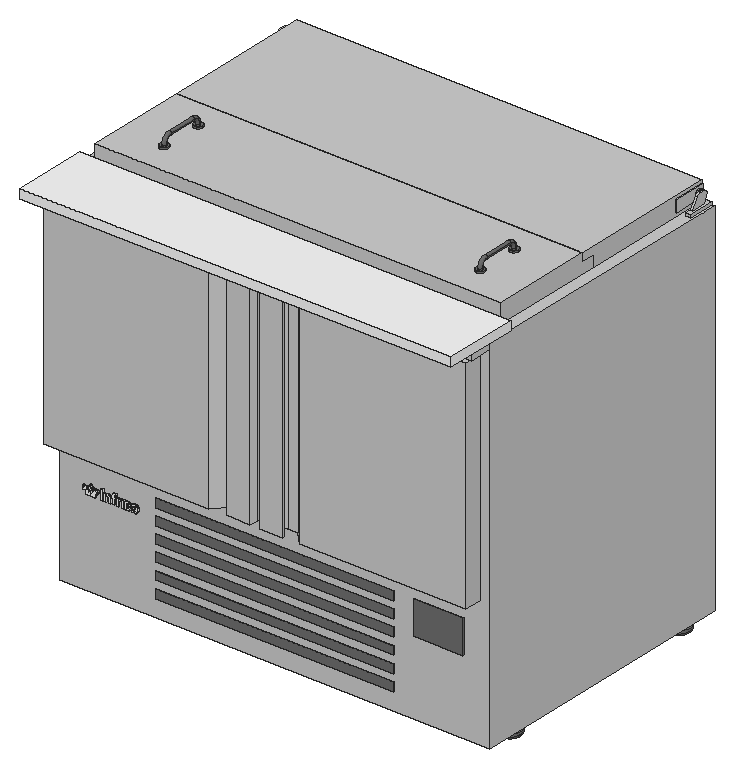
Revit family "QF_INFRICO_ME1000BAN_250812012501", category Specialty Equipment, Revit 2021
Family settings
  Round Connector Dimension = Use Diameter
  Part Type = Normal
  OmniClass Number = 23.40.40.14
  OmniClass Title = Food Service Equipment
  Work Plane-Based = No
  Always vertical = Yes
  Cut with Voids When Loaded = No
  Shared = No
  Room Calculation Point = No
Parameters (values of type "ME1000BAN-R290")
  Weight [instance] = 97.9986 kg
  Waste Water Discharge Temperature [instance] = 0 °C
  Waste Remarks [instance] = ""
  Warranty Start Date [instance] = ""
  Warranty Duration [instance] = ""
  Volts [instance] = 230 V
  Volt Free Conn [instance] = no
  URL Recommended Spares List [instance] = ""
  URL Manufacturer [instance] = ""
  URL Cutsheet [instance] = ""
  URL Critical Spares List [instance] = ""
  URL = "www.infrico.com"
  Technical Documentation [instance] = ""
  Tag Number [instance] = ""
  Status [instance] = ""
  Start Up Current [instance] = 0 A
  Specification by User [instance] = ""
  Specification by Manufacturer [instance] = ""
  Sound Level [instance] = ""
  Show Logo [instance] = yes
  Show Clearances [instance] = yes
  Service Life Duration [instance] = ""
  Serial Number [instance] = ""
  Seismic Rating [instance] = ""
  SMACNA No [instance] = ""
  Revision Code [instance] = ""
  Revision [instance] = ""
  Production Year [instance] = ""
  Potential Equalisation [instance] = no
  Point Load [instance] = 0
  Plumbing Connection Type [instance] = ""
  Phase [instance] = 1
  Other Equipment Approvals [instance] = ""
  Operational Current [instance] = 0 A
  Number of Poles [instance] = 2
  No Load Power Draw [instance] = no
  NAFEM Spec ID Number [instance] = ""
  Model Warning [instance] = ""
  Model = "ME1000BAN"
  Min Ckt Ampacity [instance] = 0 A
  Max Overcurrent Protection [instance] = 0 A
  Masterspec [instance] = ""
  Manufacturer = "INFRICO"
  Main switch integrated [instance] = no
  Length Actual [instance] = 977.9 mm
  Item Number [instance] = ""
  Installed By [instance] = ""
  Installation Date [instance] = ""
  Indirect Waste Size [instance] = 19.05 mm
  Indirect Waste Remarks [instance] = ""
  Indirect Waste Flow [instance] = 0.0 L/s
  Indirect Waste Connection Type [instance] = ""
  Indirect Waste Connection Height [instance] = 0 mm
  Identify Quantity as Lot [instance] = no
  ID [instance] = ""
  Hygiene Approval [instance] = ""
  Height Actual [instance] = 856.996 mm
  HP power [instance] = ""
  Furnished By [instance] = ""
  Foodservice Equipment Identifier [instance] = no
  FL Amps [instance] = 0 A
  Electrical Remarks [instance] = ""
  Electric power [instance] = 320 W
  Electric Connection Type [instance] = ""
  Elec Conn RI Height [instance] = 0 mm
  Elec Conn Connection Height [instance] = 0 mm
  ETL Approved [instance] = no
  Direct Waste Water Discharge Temperature [instance] = -273.15 °C
  Direct Waste Size [instance] = 19.05 mm
  Direct Waste RI Height [instance] = 0 mm
  Direct Waste Flow [instance] = 0.0 L/s
  Direct Waste Connection Height [instance] = 0 mm
  Description = "GN1/1 SALAD PREP REFRIGERATOR TABLE 700 SERIES - R290 "
  Depth Actual [instance] = 700.024 mm
  Default Elevation = 0 mm
  Cycle [instance] = 50 Hz
  Cost = 0
  Connection to energy optimisation system [instance] = yes
  Conn Plug [instance] = ""
  Conn Conduit [instance] = no
  Centralized building control system with digital interface [instance] = ""
  CSI MasterFormat [instance] = ""
  CE Approved [instance] = no
  Barcode [instance] = 0
  Author [instance] = ""
  Asset Identifier [instance] = ""
  Apparent Power [instance] = 320 VA
  Accessory [instance] = no
Reference planes
  plane 1 "Center (Front/Back)": y = 0
  plane 2: z = 0
  plane 3 "Center (Left/Right)": x = 0
Forms (mm)
  Extrusion 1, solid, not visible
    sketch origin (487.024, -150.007, 288.014) x (1, 0, 0) y (0, 1, 0)
      loop
        line (-2, 2) -> (-2, -2) -> (2, -2) -> (2, 2) -> (-2, 2)
    from -2 to 2
  Extrusion 2, solid, not visible
    sketch origin (45.002, -152.007, 286.014) x (1, 0, 0) y (0, 1, 0)
      loop
        line (-2, 2) -> (-2, -2) -> (2, -2) -> (2, 2) -> (-2, 2)
    from -2 to 2
Dimensions and locks
  locked: nested 2 to Extrusion 1 at 2  (x2)
  locked: Extrusion 2 to nested 3
  locked: nested 3 to Extrusion 2 at 2
  aligned and locked: level to plane 2
Nested families
  nested 1: "QF_INFRICO_ME1000BAN_2920" at (0, 0, 0), type "ME1000BAN-R290"
    with Weight 97.9986 kg, Warranty Start Date "", Warranty Duration "", URL Cutsheet "", Technical Documentation "", Tag Number "", Status "", Specification by User "", Specification by Manufacturer "", Sound Level "", Solid Fuel Type "", Show Logo yes, Show Clearances yes, Show Clearance yes, Service Life Duration "", Serial Number "", Seismic Rating "", SMACNA No "", Revision Code "", Revision "", Production Year "", Point Load 0, Other Equipment Approvals "", NAFEM Spec ID Number "", Model Warning "", Masterspec "", Length Actual 977.9 mm, Item Number "", Installed By "", Installation Date "", Identify Quantity as Lot yes, ID "", Hygiene Approval "", Height Actual 856.996 mm, Furnished By "", Foodservice Equipment Identifier yes, ETL Approved yes, Depth Actual 700.024 mm, CSI MasterFormat "", CE Approved no, Barcode "", Author "", Asset Identifier "", Accessory no
  nested 2: "CONN_POINT_DRAIN_2D___Generic_Annotation" at (487.024, -150.007, 286.014), type "CONN_POINT_DRAIN_2D___Generic_Annotation"
    with Onboard connection annotation symbol visibility yes
  nested 3: "CONN_POINT_ELE_2D___Generic_Annotation" at (45.002, -150.007, 286.014), type "CONN_POINT_ELE_2D___Generic_Annotation"
    with Onboard connection annotation symbol visibility yes
  nested 4: "QF_INFRICO_ME_DOOR_SX_4653" at (10, -638, 324), type "ME_DOOR_SX"
    with Weight 0.00 kg, Warranty Start Date "", Warranty Duration "", URL Cutsheet "", Technical Documentation "", Tag Number "", Status "", Specification by User "", Specification by Manufacturer "", Sound Level "", Solid Fuel Type "", Show Logo yes, Show Clearances yes, Show Clearance yes, Service Life Duration "", Serial Number "", Seismic Rating "", SMACNA No "", Revision Code "", Revision "", Production Year "", Point Load 0, Other Equipment Approvals "", NAFEM Spec ID Number "", Model Warning "", Masterspec "", Length Actual 471.932 mm, Item Number "", Installed By "", Installation Date "", Identify Quantity as Lot yes, ID "", Hygiene Approval "", Height Actual 501.904 mm, Furnished By "", Foodservice Equipment Identifier yes, ETL Approved yes, Depth Actual 56.896 mm, CSI MasterFormat "", CE Approved no, Barcode "", Author "", Asset Identifier "", Accessory yes
  nested 5: "QF_INFRICO_ME_DOOR_DX_5427" at (496, -638, 324), type "ME_DOOR_DX"
    with Weight 0.00 kg, Warranty Start Date "", Warranty Duration "", URL Cutsheet "", Technical Documentation "", Tag Number "", Status "", Specification by User "", Specification by Manufacturer "", Sound Level "", Solid Fuel Type "", Show Logo yes, Show Clearances yes, Show Clearance yes, Service Life Duration "", Serial Number "", Seismic Rating "", SMACNA No "", Revision Code "", Revision "", Production Year "", Point Load 0, Other Equipment Approvals "", NAFEM Spec ID Number "", Model Warning "", Masterspec "", Length Actual 471.932 mm, Item Number "", Installed By "", Installation Date "", Identify Quantity as Lot yes, ID "", Hygiene Approval "", Height Actual 501.904 mm, Furnished By "", Foodservice Equipment Identifier yes, ETL Approved yes, Depth Actual 56.896 mm, CSI MasterFormat "", CE Approved no, Barcode "", Author "", Asset Identifier "", Accessory yes
Connectors
  piping at (487.024, -150.007, 286.014), diameter 19.05, driven by "Indirect Waste Size", driven by "Direct Waste Flow"
    settings: on Extrusion 1, index 1, connector inside diameter 609.6 mm, connector length 0 mm, flow factor 0, pipe flow 0.0 L/s, pressure drop 0.0 Pa, fitting loss kfactor 0, connector angle 0.00°, fixture units 0, engagement length 0 mm, angle of deflection 0.00°, flow configuration 1, flow direction 2, fitting loss method 0, system type 16, joint type 0, gender type 0, connector reference index -1, connector utility 0, adjustable connector no, is connector primary yes, connector description "Waste connection for ME1000BAN"
  electrical at (45.002, -150.007, 286.014), driven by "Apparent Power", driven by "Number of Poles", driven by "Volts"
    settings: on Extrusion 2, index 2, voltage 230 V, apparent load 0 VA, apparent load phase1 320 VA, apparent load phase2 0 VA, apparent load phase3 0 VA, power factor 1, load classification "Other", number of poles 2, system type 31, power factor state 1, is connector primary yes, connector utility no, sub classification motor no, connector description "Electrical connection for ME1000BAN"
Definition of nested family "QF_INFRICO_ME1000BAN_2920"
  Parameters (values of type "ME1000BAN")
    Weight [instance] = 0.00 kg
    Warranty Start Date [instance] = ""
    Warranty Duration [instance] = ""
    URL Cutsheet [instance] = ""
    URL = "www.infrico.com"
    Technical Documentation [instance] = ""
    Tag Number [instance] = ""
    Status [instance] = ""
    Specification by User [instance] = ""
    Specification by Manufacturer [instance] = ""
    Sound Level [instance] = ""
    Solid Fuel Type [instance] = ""
    Show Logo [instance] = yes
    Show Clearances [instance] = yes
    Show Clearance [instance] = yes
    Service Life Duration [instance] = ""
    Serial Number [instance] = ""
    Seismic Rating [instance] = ""
    SMACNA No [instance] = ""
    Revision Code [instance] = ""
    Revision [instance] = ""
    Production Year [instance] = ""
    Point Load [instance] = 0
    Other Equipment Approvals [instance] = ""
    NAFEM Spec ID Number [instance] = ""
    Model Warning [instance] = ""
    Model = "ME1000BAN"
    Masterspec [instance] = ""
    Manufacturer = "INFRICO"
    Length Actual [instance] = 0 mm
    Item Number [instance] = ""
    Installed By [instance] = ""
    Installation Date [instance] = ""
    Identify Quantity as Lot [instance] = yes
    ID [instance] = ""
    Hygiene Approval [instance] = ""
    Height Actual [instance] = 0 mm
    Furnished By [instance] = ""
    Foodservice Equipment Identifier [instance] = yes
    ETL Approved [instance] = yes
    Description = "GN1/1 SALAD PREP REFRIGERATOR TABLE 700 SERIES - R134A"
    Depth Actual [instance] = 0 mm
    Default Elevation = 0 mm
    CSI MasterFormat [instance] = ""
    CE Approved [instance] = yes
    Barcode [instance] = ""
    Author [instance] = ""
    Asset Identifier [instance] = ""
    Assembly Code = "E1090320"
    Accessory [instance] = yes
  Types (2, lengths in mm): name | Description
    ME1000BAN | "GN1/1 SALAD PREP REFRIGERATOR TABLE 700 SERIES - R134A"
    ME1000BAN-R290 | "GN1/1 SALAD PREP REFRIGERATOR TABLE 700 SERIES - R290"
  Reference planes
    plane 1 "Back": y = 0
    plane 2: z = 0
    plane 3 "Left": x = 0
    plane 4 "Right": x = 978
    plane 5 "Front": y = -750
    plane 6 "Top": z = 887
  Forms (mm)
    Revolve 1, solid
      sketch origin (29, 0.51, 0) x (0, 1, 0) y (0, 0, 1)
        loop
          line (-65.51, 19.01) -> (-65.51, 0) -> (-45.51, 0)
          arc (-45.51, 0) -> (-41.974, 1.464) -> (-40.51, 5) r 5
          line (-40.51, 5) -> (-40.51, 10) -> (-50.51, 10) -> (-50.51, 14.5) -> (-60.51, 14.5) -> (-60.51, 19.01) -> (-65.51, 19.01)
        axis (-65.51, 19.01) -> (-65.51, 0)
      angle from 0 to 360
    Revolve 2, solid
      sketch origin (29, -479.49, 0) x (0, 1, 0) y (0, 0, 1)
        loop
          line (-65.51, 19.01) -> (-65.51, 0) -> (-45.51, 0)
          arc (-45.51, 0) -> (-41.974, 1.464) -> (-40.51, 5) r 5
          line (-40.51, 5) -> (-40.51, 10) -> (-50.51, 10) -> (-50.51, 14.5) -> (-60.51, 14.5) -> (-60.51, 19.01) -> (-65.51, 19.01)
        axis (-65.51, 19.01) -> (-65.51, 0)
      angle from 0 to 360
    Revolve 3, solid
      sketch origin (949, 0.51, 0) x (0, 1, 0) y (0, 0, 1)
        loop
          line (-65.51, 19.01) -> (-65.51, 0) -> (-45.51, 0)
          arc (-45.51, 0) -> (-41.974, 1.464) -> (-40.51, 5) r 5
          line (-40.51, 5) -> (-40.51, 10) -> (-50.51, 10) -> (-50.51, 14.5) -> (-60.51, 14.5) -> (-60.51, 19.01) -> (-65.51, 19.01)
        axis (-65.51, 19.01) -> (-65.51, 0)
      angle from 0 to 360
    Revolve 4, solid
      sketch origin (949, -479.49, 0) x (0, 1, 0) y (0, 0, 1)
        loop
          line (-65.51, 19.01) -> (-65.51, 0) -> (-45.51, 0)
          arc (-45.51, 0) -> (-41.974, 1.464) -> (-40.51, 5) r 5
          line (-40.51, 5) -> (-40.51, 10) -> (-50.51, 10) -> (-50.51, 14.5) -> (-60.51, 14.5) -> (-60.51, 19.01) -> (-65.51, 19.01)
        axis (-65.51, 19.01) -> (-65.51, 0)
      angle from 0 to 360
    Extrusion 5, solid
      sketch origin (0, 0, 0) x (0, 1, 0) y (0, 0, 1)
        loop
          line (0, 19.01) -> (0, 49.01) -> (-150, 49.01) -> (-150, 319) -> (0, 319) -> (0, 844.01) -> (-638, 844.01) -> (-638, 19.01) -> (0, 19.01)
      from 30 to 948
    Extrusion 6, solid
      sketch origin (-2000, -636.1, 0) x (1, 0, 0) y (0, 0, 1)
        loop
          line (2220, 263.01) -> (2220, 243.01) -> (2760, 243.01) -> (2760, 263.01) -> (2220, 263.01)
      from 0 to 2
    Extrusion 7, solid
      sketch origin (-2000, -636.1, -37) x (1, 0, 0) y (0, 0, 1)
        loop
          line (2220, 263.01) -> (2220, 243.01) -> (2760, 243.01) -> (2760, 263.01) -> (2220, 263.01)
      from 0 to 2
    Extrusion 8, solid
      sketch origin (-2000, -636.1, -74) x (1, 0, 0) y (0, 0, 1)
        loop
          line (2220, 263.01) -> (2220, 243.01) -> (2760, 243.01) -> (2760, 263.01) -> (2220, 263.01)
      from 0 to 2
    Extrusion 9, solid
      sketch origin (-2000, -636.1, -111) x (1, 0, 0) y (0, 0, 1)
        loop
          line (2220, 263.01) -> (2220, 243.01) -> (2760, 243.01) -> (2760, 263.01) -> (2220, 263.01)
      from 0 to 2
    Extrusion 10, solid
      sketch origin (-2000, -636.1, -148) x (1, 0, 0) y (0, 0, 1)
        loop
          line (2220, 263.01) -> (2220, 243.01) -> (2760, 243.01) -> (2760, 263.01) -> (2220, 263.01)
      from 0 to 2
    Extrusion 11, solid
      sketch origin (-2000, -636.1, -185) x (1, 0, 0) y (0, 0, 1)
        loop
          line (2220, 263.01) -> (2220, 243.01) -> (2760, 243.01) -> (2760, 263.01) -> (2220, 263.01)
      from 0 to 2
    Extrusion 12, solid
      sketch origin (-2000, -638, 0) x (1, 0, 0) y (0, 0, 1)
        loop
          line (2917.81, 187.81) -> (2917.81, 264.21) -> (2806.21, 264.21) -> (2806.21, 187.81) -> (2917.81, 187.81)
      from 0 to 2
    Extrusion 13, solid
      sketch origin (-1999.879, -2000, 843.52) x (1, 0, 0) y (0, 1, 0)
        loop
          line (2004.879, 1939.39) -> (2016.879, 1939.39) -> (2016.879, 1999.39) -> (2004.879, 1999.39) -> (2004.879, 1939.39)
      from 0.49 to 6
    Extrusion 14, solid
      sketch origin (12, -2000, 0) x (0, 1, 0) y (0, 0, 1)
        loop
          line (1953.39, 849.52) -> (1985.399, 849.52) -> (1991.942, 868.802)
          arc (1991.942, 868.802) -> (1990.52, 873.832) -> (1985.772, 876.02) r 6.246
          line (1985.772, 876.02) -> (1975.772, 876.02)
          arc (1975.772, 876.02) -> (1970.994, 874.797) -> (1967.39, 871.429) r 9.947
          line (1967.39, 871.429) -> (1953.39, 849.52)
      from 0 to 5
    Extrusion 15, solid
      sketch origin (24, -2000, 0) x (0, 1, 0) y (0, 0, 1)
        loop
          line (1996.591, 881.767) -> (1921.591, 881.767) -> (1921.591, 855.741) -> (1996.591, 855.741) -> (1996.591, 881.767)
      from 0 to 4
    Revolve 16, solid
      sketch origin (-1999.879, -17.5, 0) x (1, 0, 0) y (0, 0, 1)
        loop
          line (2023.879, 877.754) -> (2020.879, 877.754) -> (2020.879, 875.754) -> (2016.879, 875.754) -> (2016.879, 868.754) -> (2023.879, 868.754) -> (2023.879, 877.754)
        axis (2023.879, 868.754) -> (2016.879, 868.754)
      angle from 0 to 360
    Extrusion 17, solid
      sketch origin (2977.879, -2000, 843.52) x (-1, 0, 0) y (0, -1, 0)
        loop
          line (2004.879, -1939.39) -> (2004.879, -1999.39) -> (2016.879, -1999.39) -> (2016.879, -1939.39) -> (2004.879, -1939.39)
      from 0.49 to 6
    Extrusion 18, solid
      sketch origin (966, -2000, 0) x (0, 1, 0) y (0, 0, -1)
        loop
          line (1953.39, -849.52) -> (1967.39, -871.429)
          arc (1967.39, -871.429) -> (1970.994, -874.797) -> (1975.772, -876.02) r 9.947
          line (1975.772, -876.02) -> (1985.772, -876.02)
          arc (1985.772, -876.02) -> (1990.52, -873.832) -> (1991.942, -868.802) r 6.246
          line (1991.942, -868.802) -> (1985.399, -849.52) -> (1953.39, -849.52)
      from 0 to 5
    Extrusion 19, solid
      sketch origin (954, -2000, 0) x (0, 1, 0) y (0, 0, -1)
        loop
          line (1996.591, -881.767) -> (1996.591, -855.741) -> (1921.591, -855.741) -> (1921.591, -881.767) -> (1996.591, -881.767)
      from 0 to 4
    Revolve 20, solid
      sketch origin (2977.879, -17.5, 0) x (-1, 0, 0) y (0, 0, -1)
        loop
          line (2023.879, -877.754) -> (2023.879, -868.754) -> (2016.879, -868.754) -> (2016.879, -875.754) -> (2020.879, -875.754) -> (2020.879, -877.754) -> (2023.879, -877.754)
        axis (2023.879, -868.754) -> (2016.879, -868.754)
      angle from 0 to 360
    Extrusion 21, solid
      sketch origin (-2000, -1998.498, 0) x (0, 1, 0) y (0, 0, 1)
        loop
          line (1984.553, 849.52) -> (1998.498, 854.596) -> (1998.498, 887) -> (1659, 887) -> (1659, 869.042) -> (1686.902, 869.042) -> (1686.902, 844.01) -> (1998.498, 844.01) -> (1998.498, 849.52) -> (1984.553, 849.52)
      from 2028 to 2950
    Extrusion 22, solid
      sketch origin (0, -1998.498, 0) x (0, 1, 0) y (0, 0, 1)
        loop
          line (1657.498, 869.042) -> (1657.498, 887) -> (1426.473, 887) -> (1426.473, 844.01) -> (1686.902, 844.01) -> (1686.902, 869.042) -> (1657.498, 869.042)
      from 28 to 950
    Sweep 23, solid
      path origin (129.996, -1997.798, 0) x (0, 1, 0) y (0, 0, 1)
        loop
          line (1494.808, 887) -> (1494.808, 892.851)
          arc (1494.808, 892.851) -> (1499.195, 903.444) -> (1509.788, 907.831) r 14.981
          line (1509.788, 907.831) -> (1575.808, 907.831)
          arc (1575.808, 907.831) -> (1586.4, 903.444) -> (1590.788, 892.851) r 14.981
          line (1590.788, 892.851) -> (1590.788, 887)
      profile origin (129.996, -407.01, 889.925) x (1, 0, 0) y (0, 1, 0)
        loop
          circle (0, 0) r 4
    Sweep 24, solid
      path origin (847.996, -1997.798, 0) x (0, 1, 0) y (0, 0, 1)
        loop
          line (1494.808, 887) -> (1494.808, 892.851)
          arc (1494.808, 892.851) -> (1499.195, 903.444) -> (1509.788, 907.831) r 14.981
          line (1509.788, 907.831) -> (1575.808, 907.831)
          arc (1575.808, 907.831) -> (1586.4, 903.444) -> (1590.788, 892.851) r 14.981
          line (1590.788, 892.851) -> (1590.788, 887)
      profile origin (847.996, -407.01, 889.925) x (1, 0, 0) y (0, 1, 0)
        loop
          circle (0, 0) r 4
    Extrusion 25, solid
      sketch origin (0, 1.502, 887) x (1, 0, 0) y (0, 1, 0)
        loop
          circle (129.996, -408.512) r 10
      from 0 to 2
    Extrusion 26, solid
      sketch origin (0, -94.479, 887) x (1, 0, 0) y (0, 1, 0)
        loop
          circle (129.996, -408.512) r 10
      from 0 to 2
    Extrusion 27, solid
      sketch origin (718, 1.502, 887) x (1, 0, 0) y (0, 1, 0)
        loop
          circle (129.996, -408.512) r 10
      from 0 to 2
    Extrusion 28, solid
      sketch origin (718, -94.479, 887) x (1, 0, 0) y (0, 1, 0)
        loop
          circle (129.996, -408.512) r 10
      from 0 to 2
    Extrusion 29, solid, detail levels coarse
      sketch origin (0, 1.502, 0) x (0, 1, 0) y (0, 0, 1)
        loop
          line (-1.502, 887) -> (-1.502, 1183.498) -> (-44.502, 1183.498)
          arc (-44.502, 1183.498) -> (-254.158, 1096.656) -> (-341, 887) r 296.498
          line (-341, 887) -> (-1.502, 887)
      from 28 to 950
    Extrusion 30, solid
      sketch origin (0, 0, 0) x (0, 1, 0) y (0, 0, 1)
        loop
          line (-750, 844.01) -> (-580, 844.01) -> (-580, 864.01) -> (-750, 864.01) -> (-750, 844.01)
      from 0 to 978
    Extrusion 31, solid
      sketch origin (-2000, -1999.98, 0.1) x (0, 1, 0) y (0, 0, 1)
        loop
          line (1312.96, 842.41) -> (1312.96, 829.41) -> (1361.98, 829.41) -> (1361.98, 842.41) -> (1312.96, 842.41)
      from 2002 to 2976
    Extrusion 32, solid
      sketch origin (0, -140, 0) x (1, 0, 0) y (0, 0, 1)
        loop
          circle (45, 286) r 12.7
      from 0 to 10
    Extrusion 33, solid
      sketch origin (0, -140, 0) x (1, 0, 0) y (0, 0, 1)
        loop
          circle (487, 302) r 9.525
      from 0 to 10
    Extrusion 34, solid
      sketch origin (0, 0, 0) x (0, 1, 0) y (0, 0, 1)
        loop
          line (-638, 19.01) -> (0, 19.01) -> (0, 844.01) -> (-638, 844.01) -> (-638, 19.01)
      from 0 to 30
    Extrusion 35, solid
      sketch origin (978, 0, 0) x (0, 1, 0) y (0, 0, -1)
        loop
          line (-638, -19.01) -> (-638, -844.01) -> (0, -844.01) -> (0, -19.01) -> (-638, -19.01)
      from 0 to 30
    Extrusion 36, solid, visible <- "Show Logo"
      sketch origin (-1108.19, -638, -480.543) x (1, 0, 0) y (0, 0, 1)
        loop
          line (1208.799, 696.53) -> (1208.799, 719.204) -> (1204.173, 719.204) -> (1204.173, 696.53) -> (1208.799, 696.53)
        loop
          line (1214.779, 713.006) -> (1211.283, 713.006) -> (1211.283, 696.53) -> (1215.772, 696.53) -> (1215.772, 707.832)
          arc (1215.772, 707.832) -> (1217.528, 708.741) -> (1219.417, 709.324) r 11.052
          arc (1219.417, 709.324) -> (1220.929, 708.961) -> (1221.598, 707.557) r 1.806
          line (1221.598, 707.557) -> (1221.598, 696.53) -> (1226.121, 696.53) -> (1226.121, 708.689)
          arc (1226.121, 708.689) -> (1224.637, 712.075) -> (1221.141, 713.281) r 4.607
          arc (1221.141, 713.281) -> (1218.282, 712.674) -> (1215.669, 711.361) r 11.435
          line (1215.669, 711.361) -> (1215.601, 712.184)
          arc (1215.601, 712.184) -> (1215.36, 712.765) -> (1214.779, 713.006) r 0.822
        loop
          line (1238.557, 720.102) -> (1237.306, 720.102)
          arc (1237.306, 720.102) -> (1235.052, 719.926) -> (1232.881, 719.297) r 11.103
          arc (1232.881, 719.297) -> (1230.805, 717.616) -> (1230.024, 715.062) r 4.567
          line (1230.024, 715.062) -> (1230.024, 712.909) -> (1227.351, 712.703) -> (1227.351, 709.374) -> (1230.024, 709.374) -> (1230.024, 696.53) -> (1234.547, 696.53) -> (1234.547, 709.374) -> (1238.249, 709.374) -> (1238.249, 712.938) -> (1234.547, 712.938) -> (1234.547, 714.548)
          arc (1234.547, 714.548) -> (1234.956, 715.705) -> (1236.045, 716.271) r 1.67
          line (1236.045, 716.271) -> (1237.7, 716.399)
          arc (1237.7, 716.399) -> (1238.306, 716.65) -> (1238.557, 717.255) r 0.857
          line (1238.557, 717.255) -> (1238.557, 720.102)
        loop
          line (1239.479, 713.006) -> (1239.479, 696.53) -> (1243.968, 696.53) -> (1243.968, 707.352)
          arc (1243.968, 707.352) -> (1245.873, 708.631) -> (1248.077, 709.268) r 7.435
          line (1248.077, 709.268) -> (1249.241, 709.416)
          arc (1249.241, 709.416) -> (1249.643, 709.758) -> (1249.793, 710.265) r 0.928
          line (1249.793, 710.265) -> (1249.793, 712.458)
          arc (1249.793, 712.458) -> (1249.531, 713.061) -> (1248.912, 713.28) r 0.824
          arc (1248.912, 713.28) -> (1246.197, 712.588) -> (1243.899, 710.984) r 7.833
          line (1243.899, 710.984) -> (1243.726, 713.006) -> (1239.479, 713.006)
        loop
          line (1255.495, 696.53) -> (1255.495, 713.006) -> (1251.006, 713.006) -> (1251.006, 696.53) -> (1255.495, 696.53)
        loop
          arc (1257.421, 701.327) -> (1258.567, 698.188) -> (1261.466, 696.525) r 4.873
          arc (1261.466, 696.525) -> (1264.493, 696.266) -> (1267.521, 696.525) r 17.816
          arc (1267.521, 696.525) -> (1270.575, 699.134) -> (1271.505, 703.041) r 6.481
          line (1271.505, 703.041) -> (1267.187, 703.041) -> (1267.187, 701.67)
          arc (1267.187, 701.67) -> (1266.64, 700.452) -> (1265.442, 699.865) r 1.965
          arc (1265.442, 699.865) -> (1264.547, 699.816) -> (1263.653, 699.865) r 8.196
          arc (1263.653, 699.865) -> (1262.417, 700.415) -> (1261.91, 701.67) r 1.806
          line (1261.91, 701.67) -> (1261.91, 707.9)
          arc (1261.91, 707.9) -> (1262.417, 709.155) -> (1263.653, 709.705) r 1.806
          arc (1263.653, 709.705) -> (1264.547, 709.754) -> (1265.442, 709.705) r 8.196
          arc (1265.442, 709.705) -> (1266.64, 709.118) -> (1267.187, 707.9) r 1.965
          line (1267.187, 707.9) -> (1267.187, 706.838) -> (1271.505, 706.838)
          arc (1271.505, 706.838) -> (1270.524, 710.556) -> (1267.521, 712.959) r 6.132
          arc (1267.521, 712.959) -> (1264.493, 713.294) -> (1261.466, 712.959) r 13.851
          arc (1261.466, 712.959) -> (1258.571, 711.349) -> (1257.421, 708.243) r 4.772
          line (1257.421, 708.243) -> (1257.421, 701.327)
        loop
          arc (1272.916, 701.329) -> (1273.993, 698.345) -> (1276.726, 696.734) r 4.676
          arc (1276.726, 696.734) -> (1278.515, 696.455) -> (1280.318, 696.291) r 28.371
          arc (1280.318, 696.291) -> (1282.122, 696.455) -> (1283.911, 696.734) r 28.371
          arc (1283.911, 696.734) -> (1286.644, 698.345) -> (1287.72, 701.329) r 4.676
          line (1287.72, 701.329) -> (1287.72, 708.242)
          arc (1287.72, 708.242) -> (1286.644, 711.226) -> (1283.911, 712.837) r 4.676
          arc (1283.911, 712.837) -> (1282.122, 713.116) -> (1280.318, 713.28) r 28.371
          arc (1280.318, 713.28) -> (1278.515, 713.116) -> (1276.726, 712.837) r 28.371
          arc (1276.726, 712.837) -> (1273.993, 711.226) -> (1272.916, 708.242) r 4.676
          line (1272.916, 708.242) -> (1272.916, 701.329)
        loop
          line (1277.405, 707.866) -> (1277.405, 701.705)
          arc (1277.405, 701.705) -> (1277.844, 700.556) -> (1278.936, 699.991) r 1.725
          arc (1278.936, 699.991) -> (1279.627, 699.918) -> (1280.318, 699.856) r 46.133
          arc (1280.318, 699.856) -> (1281.01, 699.918) -> (1281.701, 699.991) r 46.133
          arc (1281.701, 699.991) -> (1282.793, 700.556) -> (1283.231, 701.705) r 1.725
          line (1283.231, 701.705) -> (1283.231, 707.866)
          arc (1283.231, 707.866) -> (1282.793, 709.015) -> (1281.701, 709.58) r 1.725
          arc (1281.701, 709.58) -> (1281.01, 709.653) -> (1280.318, 709.716) r 46.133
          arc (1280.318, 709.716) -> (1279.627, 709.653) -> (1278.936, 709.58) r 46.133
          arc (1278.936, 709.58) -> (1277.844, 709.015) -> (1277.405, 707.866) r 1.725
        loop
          arc (1190.339, 696.543) -> (1191.411, 696.987) -> (1191.856, 698.059) r 1.516
          line (1191.856, 698.059) -> (1191.856, 703.891) -> (1196.035, 703.891)
          arc (1196.035, 703.891) -> (1196.79, 704.121) -> (1197.218, 704.782) r 1.147
          line (1197.218, 704.782) -> (1197.218, 706.211)
          arc (1197.218, 706.211) -> (1196.787, 707.258) -> (1195.719, 707.634) r 1.385
          line (1195.719, 707.634) -> (1194.52, 707.634) -> (1197.218, 710.332)
          arc (1197.218, 710.332) -> (1197.605, 711.266) -> (1197.218, 712.2) r 1.321
          line (1197.218, 712.2) -> (1196.495, 712.923)
          arc (1196.495, 712.923) -> (1195.54, 713.338) -> (1194.558, 712.991) r 1.422
          line (1194.558, 712.991) -> (1191.853, 710.286) -> (1191.853, 711.479)
          arc (1191.853, 711.479) -> (1191.443, 712.516) -> (1190.435, 712.992) r 1.516
          line (1190.435, 712.992) -> (1189.514, 712.992)
          arc (1189.514, 712.992) -> (1188.511, 712.514) -> (1188.103, 711.479) r 1.516
          line (1188.103, 711.479) -> (1188.103, 706.83) -> (1182.073, 701.336) -> (1182.073, 707.509) -> (1185.639, 711.075)
          arc (1185.639, 711.075) -> (1186.053, 712.073) -> (1185.639, 713.071) r 1.412
          line (1185.639, 713.071) -> (1184.987, 713.723)
          arc (1184.987, 713.723) -> (1183.939, 714.141) -> (1182.915, 713.667) r 1.428
          line (1182.915, 713.667) -> (1182.073, 712.825) -> (1182.073, 717.784)
          arc (1182.073, 717.784) -> (1181.658, 718.787) -> (1180.655, 719.203) r 1.418
          line (1180.655, 719.203) -> (1179.726, 719.203)
          arc (1179.726, 719.203) -> (1178.723, 718.787) -> (1178.308, 717.784) r 1.418
          line (1178.308, 717.784) -> (1178.308, 712.825) -> (1177.466, 713.667)
          arc (1177.466, 713.667) -> (1176.442, 714.141) -> (1175.394, 713.723) r 1.428
          line (1175.394, 713.723) -> (1174.742, 713.071)
          arc (1174.742, 713.071) -> (1174.328, 712.073) -> (1174.742, 711.075) r 1.412
          line (1174.742, 711.075) -> (1178.308, 707.509) -> (1178.308, 701.336) -> (1172.278, 706.83) -> (1172.278, 711.479)
          arc (1172.278, 711.479) -> (1171.87, 712.514) -> (1170.867, 712.992) r 1.516
          line (1170.867, 712.992) -> (1169.946, 712.992)
          arc (1169.946, 712.992) -> (1168.938, 712.516) -> (1168.528, 711.479) r 1.516
          line (1168.528, 711.479) -> (1168.528, 710.286) -> (1165.823, 712.991)
          arc (1165.823, 712.991) -> (1164.841, 713.338) -> (1163.886, 712.923) r 1.422
          line (1163.886, 712.923) -> (1163.163, 712.2)
          arc (1163.163, 712.2) -> (1162.776, 711.266) -> (1163.163, 710.332) r 1.321
          line (1163.163, 710.332) -> (1165.861, 707.634) -> (1164.662, 707.634)
          arc (1164.662, 707.634) -> (1163.594, 707.258) -> (1163.163, 706.211) r 1.385
          line (1163.163, 706.211) -> (1163.163, 704.782)
          arc (1163.163, 704.782) -> (1163.591, 704.121) -> (1164.346, 703.891) r 1.147
          line (1164.346, 703.891) -> (1168.525, 703.891) -> (1168.525, 698.059)
          arc (1168.525, 698.059) -> (1168.969, 696.987) -> (1170.042, 696.543) r 1.516
          line (1170.042, 696.543) -> (1190.339, 696.543)
      from 0 to 2
  Cuts and joins
    joined: Extrusion 5, Extrusion 34, Extrusion 35
  Lines and regions (mm)
    symbolic lines
      curve 1: line (978, -750, 0) -> (978, 0, 0)
      curve 2: line (0, -750, 0) -> (978, -750, 0)
      curve 3: line (0, 0, 0) -> (0, -750, 0)
      curve 4: line (978, 0, 0) -> (0, 0, 0)
      curve 5: line (28, -572.025, 0) -> (950, -572.025, 0)
      curve 6: line (28, -1.502, 0) -> (28, -572.025, 0)
      curve 7: line (950, -572.025, 0) -> (950, -1.502, 0)
      curve 8: arc (851.996, -502.991, 0) -> (847.996, -506.991, 0) -> (843.996, -502.991, 0) r 4
      curve 9: arc (851.996, -407.01, 0) -> (847.996, -403.01, 0) -> (843.996, -407.01, 0) r 4
      curve 10: line (843.996, -502.991, 0) -> (843.996, -407.01, 0)
      curve 11: line (851.996, -502.991, 0) -> (851.996, -407.01, 0)
      curve 12: arc (133.996, -502.991, 0) -> (129.996, -506.991, 0) -> (125.996, -502.991, 0) r 4
      curve 13: arc (133.996, -407.01, 0) -> (129.996, -403.01, 0) -> (125.996, -407.01, 0) r 4
      curve 14: line (125.996, -502.991, 0) -> (125.996, -407.01, 0)
      curve 15: line (133.996, -502.991, 0) -> (133.996, -407.01, 0)
      curve 16: arc (133.996, -416.175, 0) -> (129.996, -397.01, 0) -> (125.996, -416.175, 0) r 10
      curve 17: arc (125.996, -493.825, 0) -> (129.996, -512.991, 0) -> (133.996, -493.825, 0) r 10
      curve 18: arc (843.996, -493.825, 0) -> (847.996, -512.991, 0) -> (851.996, -493.825, 0) r 10
      curve 19: arc (851.996, -416.175, 0) -> (847.996, -397.01, 0) -> (843.996, -416.175, 0) r 10
      curve 20: line (24, -78.409, 0) -> (28, -78.409, 0)
      curve 21: line (24, -3.409, 0) -> (24, -78.409, 0)
      curve 22: line (28, -3.409, 0) -> (24, -3.409, 0)
      curve 23: line (17, -0.61, 0) -> (5, -0.61, 0)
      curve 24: line (5, -0.61, 0) -> (5, -60.61, 0)
      curve 25: line (5, -60.61, 0) -> (17, -60.61, 0)
      curve 26: line (17, -60.61, 0) -> (17, -0.61, 0)
      curve 27: line (24, -8.5, 0) -> (17, -8.5, 0)
      curve 28: line (24, -26.5, 0) -> (17, -26.5, 0)
      curve 29: line (954, -78.409, 0) -> (954, -3.409, 0)
      curve 30: line (950, -78.409, 0) -> (954, -78.409, 0)
      curve 31: line (954, -3.409, 0) -> (950, -3.409, 0)
      curve 32: line (961, -0.61, 0) -> (961, -60.61, 0)
      curve 33: line (973, -0.61, 0) -> (961, -0.61, 0)
      curve 34: line (973, -60.61, 0) -> (973, -0.61, 0)
      curve 35: line (961, -60.61, 0) -> (973, -60.61, 0)
      curve 36: line (954, -26.5, 0) -> (961, -26.5, 0)
      curve 37: line (954, -8.5, 0) -> (961, -8.5, 0)
  Dimensions and locks
    plane 1 "Back" to plane 5 "Front" = 750 mm  (x2)
    plane 6 "Top" to level = 887 mm  (x2)
    plane 4 "Right" to plane 3 "Left" = 978 mm
    plane 3 "Left" to plane 4 "Right" = 978 mm
    aligned and locked: level to plane 2
  Connectors
    electrical at (45, -140, 286)
      settings: on Extrusion 32, index 1, voltage 0 V, apparent load 0 VA, apparent load phase1 0 VA, apparent load phase2 0 VA, apparent load phase3 0 VA, power factor 1, load classification none, number of poles 1, system type 31, power factor state 1, is connector primary yes, connector utility no, sub classification motor no, connector description "Electrical connection"
    piping at (487, -140, 302), diameter 19.1
      settings: on Extrusion 33, index 2, connector inside diameter 609.6 mm, connector length 0 mm, flow factor 0, pipe flow 0.0 L/s, pressure drop 0.0 Pa, fitting loss kfactor 0, connector angle 0.00°, fixture units 0, engagement length 0 mm, angle of deflection 0.00°, flow configuration 1, flow direction 1, fitting loss method 0, system type 16, joint type 0, gender type 0, connector reference index -1, connector utility 0, adjustable connector no, is connector primary yes, connector description "Drain connection"
Definition of nested family "QF_INFRICO_ME_DOOR_SX_4653"
  Parameters (values of type "ME_DOOR_SX")
    Weight [instance] = 0.00 kg
    Warranty Start Date [instance] = ""
    Warranty Duration [instance] = ""
    URL Cutsheet [instance] = ""
    URL = "www.infrico.com"
    Technical Documentation [instance] = ""
    Tag Number [instance] = ""
    Status [instance] = ""
    Specification by User [instance] = ""
    Specification by Manufacturer [instance] = ""
    Sound Level [instance] = ""
    Solid Fuel Type [instance] = ""
    Show Logo [instance] = yes
    Show Clearances [instance] = yes
    Show Clearance [instance] = yes
    Service Life Duration [instance] = ""
    Serial Number [instance] = ""
    Seismic Rating [instance] = ""
    SMACNA No [instance] = ""
    Revision Code [instance] = ""
    Revision [instance] = ""
    Production Year [instance] = ""
    Point Load [instance] = 0
    Other Equipment Approvals [instance] = ""
    NAFEM Spec ID Number [instance] = ""
    Model Warning [instance] = ""
    Model = "ME_DOOR_SX"
    Masterspec [instance] = ""
    Manufacturer = "INFRICO"
    Length Actual [instance] = 0 mm
    Item Number [instance] = ""
    Installed By [instance] = ""
    Installation Date [instance] = ""
    Identify Quantity as Lot [instance] = yes
    ID [instance] = ""
    Hygiene Approval [instance] = ""
    Height Actual [instance] = 0 mm
    Furnished By [instance] = ""
    Foodservice Equipment Identifier [instance] = yes
    ETL Approved [instance] = yes
    Description = "LEFT DOOR"
    Depth Actual [instance] = 0 mm
    Default Elevation = 0 mm
    CSI MasterFormat [instance] = ""
    CE Approved [instance] = yes
    Barcode [instance] = ""
    Author [instance] = ""
    Asset Identifier [instance] = ""
    Assembly Code = "E1090320"
    Accessory [instance] = yes
  Reference planes
    plane 1 "Back": y = 0
    plane 2: z = 0
    plane 3 "Left": x = 0
    plane 4 "Right": x = 472
    plane 5 "Front": y = -57
    plane 6 "Top": z = 502
  Forms (mm)
    Extrusion 1, solid
      sketch origin (2981.326, 637.02, -168.61) x (-1, 0, 0) y (0, -1, 0)
        loop
          line (2605.426, 694.02) -> (2575.356, 663.95) -> (2552.604, 663.95) -> (2541.663, 666.881)
          arc (2541.663, 666.881) -> (2540.582, 667.631) -> (2540.222, 668.896) r 1.95
          line (2540.222, 668.896) -> (2540.566, 678.741)
          arc (2540.566, 678.741) -> (2540.774, 679.563) -> (2541.304, 680.224) r 2.001
          line (2541.304, 680.224) -> (2566.566, 690.947) -> (2566.566, 694.02) -> (2514.259, 694.02) -> (2509.326, 675.612) -> (2509.326, 654.02) -> (2981.326, 654.02) -> (2981.326, 694.02) -> (2605.426, 694.02)
      from 168.61 to 670.61
    Extrusion 2, solid
      sketch origin (0, 0, 0) x (1, 0, 0) y (0, 0, 1)
        loop
          line (457, 487) -> (15, 487) -> (15, 15) -> (457, 15) -> (457, 487)
        loop
          line (45, 457) -> (45, 45) -> (427, 45) -> (427, 457) -> (45, 457)
      from 0 to 17
    Extrusion 3, solid, detail levels coarse
      sketch origin (0, 0, 0) x (1, 0, 0) y (0, 1, 0)
        loop
          line (472, -57) -> (0, -57) -> (0, -472) -> (57, -472)
          arc (57, -472) -> (350.449, -350.449) -> (472, -57) r 415
      from 0 to 502
  Lines and regions (mm)
    symbolic lines
      curve 1: line (0, -62, 0) -> (0, -472, 0)
      curve 2: line (0, -472, 0) -> (57, -472, 0)
      curve 3: arc (57, -472, 0) -> (348.676, -352.212, 0) -> (471.97, -62, 0) r 415
  Dimensions and locks
    plane 4 "Right" to plane 3 "Left" = 472 mm
    plane 6 "Top" to level = 502 mm  (x2)
    plane 1 "Back" to plane 5 "Front" = 57 mm  (x2)
    plane 3 "Left" to plane 4 "Right" = 472 mm
    aligned and locked: level to plane 2
Definition of nested family "QF_INFRICO_ME_DOOR_DX_5427"
  Parameters (values of type "ME_DOOR_DX")
    Weight [instance] = 0.00 kg
    Warranty Start Date [instance] = ""
    Warranty Duration [instance] = ""
    URL Cutsheet [instance] = ""
    URL = "www.infrico.com"
    Technical Documentation [instance] = ""
    Tag Number [instance] = ""
    Status [instance] = ""
    Specification by User [instance] = ""
    Specification by Manufacturer [instance] = ""
    Sound Level [instance] = ""
    Solid Fuel Type [instance] = ""
    Show Logo [instance] = yes
    Show Clearances [instance] = yes
    Show Clearance [instance] = yes
    Service Life Duration [instance] = ""
    Serial Number [instance] = ""
    Seismic Rating [instance] = ""
    SMACNA No [instance] = ""
    Revision Code [instance] = ""
    Revision [instance] = ""
    Production Year [instance] = ""
    Point Load [instance] = 0
    Other Equipment Approvals [instance] = ""
    NAFEM Spec ID Number [instance] = ""
    Model Warning [instance] = ""
    Model = "ME_DOOR_DX"
    Masterspec [instance] = ""
    Manufacturer = "INFRICO"
    Length Actual [instance] = 0 mm
    Item Number [instance] = ""
    Installed By [instance] = ""
    Installation Date [instance] = ""
    Identify Quantity as Lot [instance] = yes
    ID [instance] = ""
    Hygiene Approval [instance] = ""
    Height Actual [instance] = 0 mm
    Furnished By [instance] = ""
    Foodservice Equipment Identifier [instance] = yes
    ETL Approved [instance] = yes
    Description = "RIGHT DOOR"
    Depth Actual [instance] = 0 mm
    Default Elevation = 0 mm
    CSI MasterFormat [instance] = ""
    CE Approved [instance] = yes
    Barcode [instance] = ""
    Author [instance] = ""
    Asset Identifier [instance] = ""
    Assembly Code = "E1090320"
    Accessory [instance] = yes
  Reference planes
    plane 1 "Back": y = 0
    plane 2: z = 0
    plane 3 "Left": x = 0
    plane 4 "Right": x = 472
    plane 5 "Front": y = -57
    plane 6 "Top": z = 502
  Forms (mm)
    Extrusion 1, solid
      sketch origin (-2509.326, 637.02, -168.61) x (1, 0, 0) y (0, 1, 0)
        loop
          line (2605.426, -694.02) -> (2981.326, -694.02) -> (2981.326, -654.02) -> (2509.326, -654.02) -> (2509.326, -675.612) -> (2514.259, -694.02) -> (2566.566, -694.02) -> (2566.566, -690.947) -> (2541.304, -680.224)
          arc (2541.304, -680.224) -> (2540.774, -679.563) -> (2540.566, -678.741) r 2.001
          line (2540.566, -678.741) -> (2540.222, -668.896)
          arc (2540.222, -668.896) -> (2540.582, -667.631) -> (2541.663, -666.881) r 1.95
          line (2541.663, -666.881) -> (2552.604, -663.95) -> (2575.356, -663.95) -> (2605.426, -694.02)
      from 168.61 to 670.61
    Extrusion 2, solid
      sketch origin (472, 0, 0) x (-1, 0, 0) y (0, 0, -1)
        loop
          line (457, -487) -> (457, -15) -> (15, -15) -> (15, -487) -> (457, -487)
        loop
          line (45, -457) -> (427, -457) -> (427, -45) -> (45, -45) -> (45, -457)
      from 0 to 17
    Extrusion 3, solid, detail levels coarse
      sketch origin (472, 0, 0) x (-1, 0, 0) y (0, -1, 0)
        loop
          arc (472, 57) -> (350.449, 350.449) -> (57, 472) r 415
          line (57, 472) -> (0, 472) -> (0, 57) -> (472, 57)
      from 0 to 502
  Lines and regions (mm)
    symbolic lines
      curve 1: line (472, -62, 0) -> (472, -472, 0)
      curve 2: line (472, -472, 0) -> (415, -472, 0)
      curve 3: arc (415, -472, 0) -> (123.324, -352.212, 0) -> (0.03, -62, 0) r 415
  Dimensions and locks
    plane 4 "Right" to plane 3 "Left" = 472 mm
    plane 6 "Top" to level = 502 mm  (x2)
    plane 1 "Back" to plane 5 "Front" = 57 mm  (x2)
    plane 3 "Left" to plane 4 "Right" = 472 mm
    aligned and locked: level to plane 2
Definition of nested family "CONN_POINT_DRAIN_2D___Generic_Annotation"
  Parameters (values of type "CONN_POINT_DRAIN_2D___Generic_Annotation")
    Onboard connection annotation symbol visibility [instance] = yes
  Reference planes
    plane 1: y = 0
    plane 2: x = 0
  Lines and regions (mm)
    detail lines, visible <- "Onboard connection annotation symbol visibility"
      curve 1: circle (0, 0, 0) r 0.5 normal (0, 0, 1)
      curve 2: line (-1, 0, 0) -> (1, 0, 0)
      curve 3: line (0, 1, 0) -> (0, -1, 0)
      curve 4: line (1.776, 1, 0) -> (1.25, 1, 0)
      curve 5: line (1.25, 1, 0) -> (1.25, -1, 0)
      curve 6: line (1.25, -1, 0) -> (1.776, -1, 0)
      curve 7: arc (2.206, -0.862, 0) -> (2.459, -0.589, 0) -> (2.583, -0.238, 0) r 0.918
      curve 8: arc (2.583, 0.238, 0) -> (2.459, 0.589, 0) -> (2.206, 0.862, 0) r 0.918
      curve 9: arc (2.583, -0.238, 0) -> (2.599, 0, 0) -> (2.583, 0.238, 0) r 1.77
      curve 10: arc (2.206, 0.862, 0) -> (2.002, 0.965, 0) -> (1.776, 1, 0) r 0.741
      curve 11: arc (1.776, -1, 0) -> (2.002, -0.965, 0) -> (2.206, -0.862, 0) r 0.741
Definition of nested family "CONN_POINT_ELE_2D___Generic_Annotation"
  Parameters (values of type "CONN_POINT_ELE_2D___Generic_Annotation")
    Onboard connection annotation symbol visibility [instance] = yes
  Reference planes
    plane 1: y = 0
    plane 2: x = 0
  Lines and regions (mm)
    detail lines, visible <- "Onboard connection annotation symbol visibility"
      curve 1: circle (0, 0, 0) r 0.5 normal (0, 0, 1)
      curve 2: line (-1, 0, 0) -> (1, 0, 0)
      curve 3: line (0, 1, 0) -> (0, -1, 0)
      curve 4: line (2.5, 1, 0) -> (1.25, 1, 0)
      curve 5: line (1.25, 1, 0) -> (1.25, -1, 0)
      curve 6: line (1.25, -1, 0) -> (2.5, -1, 0)
      curve 7: line (1.25, 0, 0) -> (2, 0, 0)
